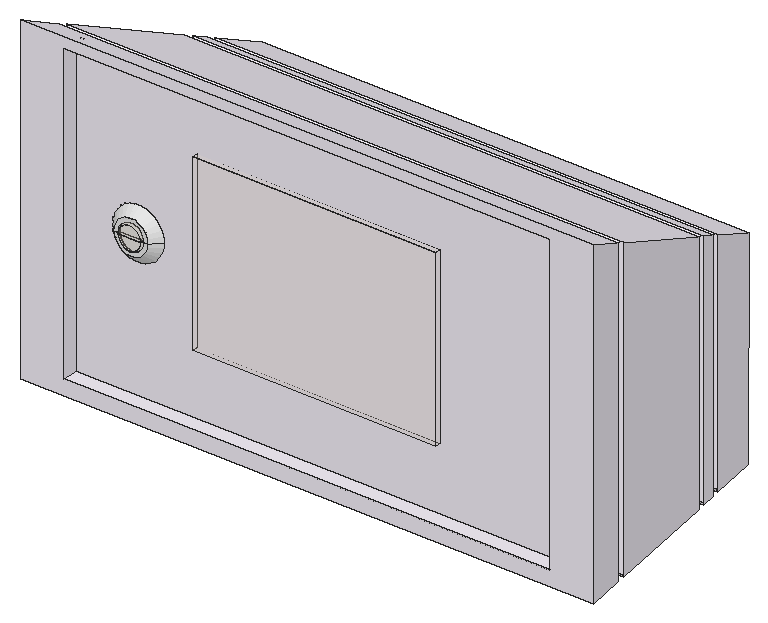
Revit family "TRP", category Lighting Fixtures, host Face, Revit 2013
Parameters (values of type "TRP-PS")
  Watts = 34 W
  Wattage Comments = "34W/53W/68W"  # constant formula
  Wattage = 34 W
  built-in parameter 1150110 = 1 (stored number, unit not read)
  Voltage = 120 V
  URL = "http://www.hubbelloutdoor.com/"
  built-in parameter 1114217 = 1 (stored number, unit not read)
  Tilt Angle = 90.00°
  built-in parameter 1150109 = 1 (stored number, unit not read)
  built-in parameter 1150134 = (empty or 0)
  built-in parameter 1150113 = 1 (stored number, unit not read)
  Product Page URL = "http://www.hubbelloutdoor.com/products/trp_geo_sconce_led_large"
  Product Documentation Link = "http://cdn.hubbelloutdoor.com/content/products/specs/specs_files/spd_qsprdispecsheet_219C.pdf"
  Power Factor = 1
  Photometric Web File = "TRP-30L3K-035-2.IES"
  Model = "TRP Geo Sconce LED Large"  # constant formula
  Manufacturer Phone = "864-678-1000"  # constant formula
  Manufacturer Fax = "864-678-1065"  # constant formula
  Manufacturer = "Hubbell Outdoor Lighting"  # constant formula
  built-in parameter 1150105 = 259.74 (stored number, unit not read)
  Lumens = 3264 lm
  built-in parameter 1150115 = 1 (stored number, unit not read)
  Load Classification = Lighting
  built-in parameter 1150137 = (empty or 0)
  built-in parameter 1150139 = (empty or 0)
  built-in parameter 1150112 = 1 (stored number, unit not read)
  built-in parameter 1150114 = 1 (stored number, unit not read)
  Lamp = "LED"  # constant formula
  Opal lens = Hubbell-Glass
  built-in parameter 1150132 = (empty or 0)
  built-in parameter 1150102 = (empty or 0)
  built-in parameter 1150107 = 3000 (stored number, unit not read)
  built-in parameter 1150138 = (empty or 0)
  built-in parameter 1150106 = 2.5974 (stored number, unit not read)
  Emit from Rectangle Width = 7.00"  # constant formula
  Emit from Rectangle Length = 5.00"  # constant formula
  Emit Shape Visible in Rendering = no
  built-in parameter 1150104 = 8.9187 (stored number, unit not read)
  Dimming Lamp Color Temperature Shift = <None>
  Description = "Architectural Geometric Wallpack Sconce"  # constant formula
  Default Elevation = 48.00"
  Finish = Hubbell-Platinum
  Color Filter = 16777215
  built-in parameter 1114218 = 1 (stored number, unit not read)
  built-in parameter 1150133 = 10 (stored number, unit not read)
  Apparent Load = Watts / Power Factor  # 34 VA
Types (8): name | Finish
  (no name) | Hubbell-Platinum
  TRP-BL | Hubbell-Black
  TRP-DB | Hubbell-Bronze
  TRP-FG | Hubbell-Forest Green
  TRP-GR | Hubbell-Gray
  TRP-PS | Hubbell-Platinum
  TRP-RD | Hubbell-Red
  TRP-WH | Hubbell-White
Reference planes (in)
  plane 1 "Center (Front/Back)": y = 2
  plane 2: z = 0
  plane 3 "Center (Left/Right)": x = 0
  plane 4: y = -5.13
  plane 5: z = 9.25
  plane 6: x = 8.25
  plane 7: x = -8.25
  plane 8: y = -3.88
  plane 9: z = 4.625
Forms (in)
  SweptBlend 1, solid, material "Hubbell-Platinum" <- "Finish"
    path origin (0, 0, 0) x (0, 1, 0) y (0, 0, 1)
      loop
        line (2, 4.625) -> (-5.13, 4.625)
    profile origin (0, 2, 4.625) x (0, 0, -1) y (1, 0, 0)
      loop
        line (-1.375, -7) -> (4.625, -7) -> (4.625, 7) -> (-1.375, 7) -> (-1.375, -7)
    end profile origin (0, -5.13, 4.625) x (0, 0, -1) y (1, 0, 0)
      loop
        line (-4.625, -8.25) -> (4.625, -8.25) -> (4.625, 8.25) -> (-4.625, 8.25) -> (-4.625, -8.25)
  Extrusion 2, void
    sketch origin (0, 0, 0) x (0, -1, 0) y (0, 0, 1)
      loop
        line (-1.21875, 6.06962) -> (-1.21875, 0.4375) -> (5.13, 0.4375) -> (5.13, 8.96351) -> (-1.21875, 6.06962)
    from -7 to 7
  Extrusion 3, solid, material "Hubbell-Platinum" <- "Finish"
    sketch origin (0, 2, 0) x (1, 0, 0) y (0, 0, 1)
      loop
        line (-7, 8.96351) -> (-7, 0.4375) -> (7, 0.4375) -> (7, 8.96351) -> (-7, 8.96351)
    from 6.52156 to 6.6851
  Sweep 4, void
    path origin (0, -3.88, 10.14537) x (0, 0, 1) y (-1, 0, 0)
      loop
        line (-1.45624, 8.03999) -> (-10.14537, 8.03999) -> (-10.14537, -8.02967) -> (-1.45624, -8.02967) -> (-1.45624, 8.03999)
    profile origin (-8.03999, -3.88, 4.34456) x (0, -1, 0) y (1, 0, 0)
      loop
        circle (0, 0) r 0.125
  Sweep 5, void
    path origin (0, -0.17537, 10.27037) x (0, 0, 1) y (-1, 0, 0)
      loop
        line (-3.27037, 7.38545) -> (-10.27037, 7.38545) -> (-10.27037, -7.39435) -> (-3.27037, -7.39435) -> (-3.27037, 7.38545)
    profile origin (-7.38545, -0.17537, 3.5) x (0, -1, 0) y (1, 0, 0)
      loop
        circle (0, 0) r 0.125
  Sweep 6, void
    path origin (0, 0.48428, 10.27037) x (0, 0, 1) y (-1, 0, 0)
      loop
        line (-3.54131, 7.27516) -> (-10.27037, 7.27516) -> (-10.27037, -7.2856) -> (-3.54131, -7.2856) -> (-3.54131, 7.27516)
    profile origin (-7.27516, 0.48428, 3.36453) x (0, -1, 0) y (1, 0, 0)
      loop
        circle (0, 0) r 0.125
  Extrusion 7, solid, material "Hubbell-Glass" <- "Opal lens"
    sketch origin (0, 2, 0) x (1, 0, 0) y (0, 0, 1)
      loop
        line (-3.5, 7.26284) -> (-3.5, 2.26284) -> (3.5, 2.26284) -> (3.5, 7.26284) -> (-3.5, 7.26284)
    from 6.6851 to 6.85125
  Revolve 8, solid, material "Hubbell-White"
    sketch origin (-18.20478, -180, 4.625) x (-1, 0, 0) y (0, -1, 0)
      loop
        line (-13.36563, -175.11833) -> (-13.36563, -175.0649) -> (-13.48281, -175.0649) -> (-13.73281, -175.3149) -> (-12.99128, -175.3149) -> (-12.99128, -175.11833) -> (-13.36563, -175.11833)
      axis (-12.99128, -175.3149) -> (-12.99128, -175.0649)
    angle from 0 to 360
  Revolve 9, solid, material "Hubbell-Glass" <- "Opal lens"
    sketch origin (-18.20478, -180, 4.625) x (-1, 0, 0) y (0, -1, 0)
      loop
        line (-13.36563, -175.11833) -> (-13.36563, -175.3149) -> (-12.99128, -175.3149) -> (-12.99128, -175.00502) -> (-13.31279, -175.00502) -> (-13.36563, -175.11833)
      axis (-12.99128, -175.3149) -> (-12.99128, -175.00502)
    angle from 0 to 360
Cuts and joins
  Extrusion 2, Sweep 4, Sweep 5, Sweep 6 cuts SweptBlend 1
Dimensions and locks (in)
  locked: plane 7 to plane 6 at 16.5
  equal spacing: plane 7, plane 3 "Center (Left/Right)", plane 6, locked at 8.25 each
  locked: plane 4 to plane 1 "Center (Front/Back)" at 7.13
  locked: plane 5 to plane 2 at 9.25
  equal spacing: plane 5, plane 9, plane 2, locked at 4.625 each
  aligned and locked: plane 2 to host face
  aligned and locked: level to host face
  aligned and locked: plane 1 "Center (Front/Back)" to SweptBlend 1 sketch curve
  aligned and locked: plane 4 to SweptBlend 1 sketch curve
  aligned and locked: SweptBlend 1 sketch curve to plane 5
  aligned and locked: SweptBlend 1 sketch curve to plane 6
  aligned and locked: SweptBlend 1 sketch curve to plane 7
  aligned and locked: Extrusion 2 to SweptBlend 1  (x2)
  aligned and locked: plane 4 to Extrusion 2 sketch curve
  aligned and locked: Extrusion 7 to Extrusion 3
  aligned and locked: plane 3 "Center (Left/Right)" to imposter light
  aligned and locked: imposter light to Extrusion 7
Automatic sketch dimensions
  host sketch curve to host sketch curve = 96.00"  (x2)
  level to SweptBlend 1 sketch curve = 4.625"
  profile plane to SweptBlend 1 sketch curve = 1.375"
  SweptBlend 1 sketch curve to plane 3 "Center (Left/Right)" = 7.00"
  SweptBlend 1 sketch curve to profile plane = 4.625"  (x2)
  plane 3 "Center (Left/Right)" to SweptBlend 1 sketch curve = 7.00"
  plane 1 "Center (Front/Back)" to Extrusion 2 sketch curve = 0.78125"
  level to Extrusion 2 sketch curve = 0.4375"
  Extrusion 2 sketch curve to plane 5 = 3.18038"
  Extrusion 2 sketch curve to plane 5 = 0.28649"
  Extrusion 3 sketch curve to plane 5 = 0.28649"
  Extrusion 3 sketch curve to plane 7 = 1.25"
  level to Extrusion 3 sketch curve = 0.4375"
  Extrusion 3 sketch curve to plane 6 = 1.25"
  Sweep 4 sketch curve to level = 0.00"
  Sweep 4 sketch curve to plane 6 = 0.22033"
  Sweep 4 sketch curve to plane 5 = 0.56087"
  Sweep 4 sketch curve to plane 7 = 0.21001"
  Sweep 4 sketch curve to profile plane = 0.00"
  profile plane to Sweep 4 sketch curve = 0.00"
  Sweep 5 sketch curve to level = 0.00"
  Sweep 5 sketch curve to plane 6 = 0.85565"
  Sweep 5 sketch curve to plane 5 = 2.25"
  Sweep 5 sketch curve to plane 7 = 0.86455"
  Sweep 5 sketch curve to profile plane = 0.00"
  profile plane to Sweep 5 sketch curve = 0.00"
  Sweep 6 sketch curve to level = 0.00"
  Sweep 6 sketch curve to plane 6 = 0.9644"
  Sweep 6 sketch curve to plane 5 = 2.52093"
  Sweep 6 sketch curve to plane 7 = 0.97484"
  Sweep 6 sketch curve to profile plane = 0.00"
  profile plane to Sweep 6 sketch curve = 0.00"
  Extrusion 7 sketch curve to plane 3 "Center (Left/Right)" = 3.50"
  level to Extrusion 7 sketch curve = 2.26284"
  plane 3 "Center (Left/Right)" to Extrusion 7 sketch curve = 3.50"
  Extrusion 7 sketch curve to plane 5 = 1.98716"
  Revolve 9 sketch curve to plane 4 = 0.24833"
  Revolve 9 sketch curve to plane 7 = 3.41084"
  Revolve 9 sketch curve to plane 4 = 0.4449"
  Revolve 9 sketch curve to plane 4 = 0.13502"
  Revolve 9 sketch curve to Revolve 9 sketch curve = 0.05284"
  Revolve 9 sketch curve to Revolve 9 sketch curve = 0.37435"
  Revolve 9 sketch curve to Revolve 9 sketch curve = 0.00"  (x2)
  plane 4 to Revolve 9 sketch curve = 0.84791"
  Revolve 8 sketch curve to plane 7 = 3.77803"
  Revolve 8 sketch curve to plane 4 = 0.1949"
  Revolve 8 sketch curve to Revolve 8 sketch curve = 0.25"
  Revolve 8 sketch curve to Revolve 8 sketch curve = 0.11719"
  Revolve 8 sketch curve to Revolve 8 sketch curve = 0.37435"
  Revolve 8 sketch curve to Revolve 8 sketch curve = 0.19657"
  Revolve 8 sketch curve to Revolve 8 sketch curve = 0.05343"
  plane 4 to Revolve 8 sketch curve = 1.71871"
  Revolve 8 sketch curve to Revolve 8 sketch curve = 0.00"  (x2)
  radius of Sweep 4 sketch curve = 0.125"
  radius of Sweep 5 sketch curve = 0.125"
  radius of Sweep 6 sketch curve = 0.125"
Connectors (in)
  electrical at (0, -1, 0), driven by "Load Classification", driven by "Voltage", driven by "Apparent Load", driven by "Power Factor"
    settings: index 1, voltage 120 V, apparent load 34 VA, apparent load phase1 0 VA, apparent load phase2 0 VA, apparent load phase3 0 VA, power factor 1, load classification "Lighting", number of poles 1, system type 30, power factor state 1, is connector primary yes, connector utility no, sub classification motor no, connector description "Lighting Connector"
